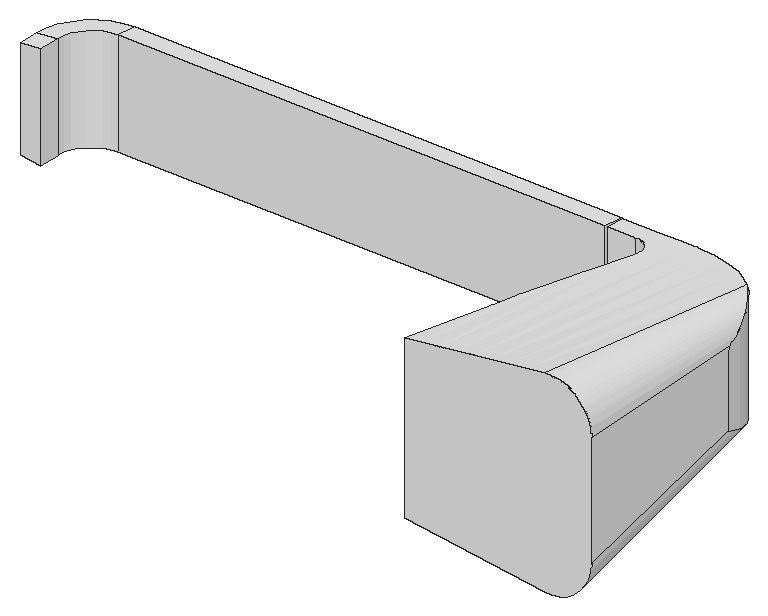
Revit family "CA6035551_Portarrollo", category Furniture, host Wall, Revit 2019
Family settings
  Host = Wall
  OmniClass Number = 23.31.25.19
  OmniClass Title = Restroom Paper Towel Accessories
  Always vertical = Yes
  Cut with Voids When Loaded = No
  Shared = No
  Room Calculation Point = No
Parameters (values of type "Type 1")
  URL = "https://corona.co/productos/accesorios/kit-por-6-accesorios-cascade/p/CA6065551"
  Temperatura de uso = "4˚C a 40˚C."  # constant formula
  Referencia = "CA6035551"  # constant formula
  Profundidad = 71 mm  # constant formula
  Peso neto = "470 g. - 1,04 lb."  # constant formula
  Peso Neto aprox = " 9 Kg"  # constant formula
  Material = Corona_Cromado
  Manufacturer = "Corona"  # constant formula
  Garantía Acabados = "5 Años"  # constant formula
  Garantía = "30 Años"  # constant formula
  Fecha de creación = "10/08/2020"  # constant formula
  Dimensiónes generales producto empacado Kit x6 = "(H x L x W): 441 x 160 x 79 mm."  # constant formula
  Description = "La línea de griferías y accesorios plásticos Cascade se inspira en la fluidez natural\r\ndel agua y en las formas creadas a su paso en caídas y cascadas, los gestos de\r\ndiseño y formas de Cascade invitan al usuario al uso, sus líneas fluidas crean un\r\nsolo viaje alrededor del producto generando formas limpias."  # constant formula
  Creado por = "IDD"  # constant formula
  Ancho = 179 mm  # constant formula
  Altura = 900 mm
  Alto = 47 mm  # constant formula
Reference planes
  plane 1 "Wall": y = 0
  plane 2 "Center (Left/Right)": x = 125
  plane 3 "Back": y = 75
  plane 4: z = 900
  plane 5: x = 214.5
  plane 6: x = 35.5
  plane 7: z = 923.5
  plane 8: z = 876.5
  plane 9: y = 146
Text (mm)
  text "Placement Side" at (-1848.837, 1116.779, 0), in view "Ref. Level"
  text "Placement side" at (0, 1409.804, 2854.306), in view "Left"
  text "Placement side" at (0, 499.811, 2980.732), in view "Right"
Dimensions and locks
  locked: plane 3 "Back" to host wall
  equal spacing: plane 8, plane 4, plane 7
  "Alto": plane 8 to plane 7
  equal spacing: plane 6, plane 2 "Center (Left/Right)", plane 5
  "Ancho": plane 6 to plane 5
  "Profundidad": plane 9 to host wall
  plane 4 to plane 8 = 23.5 mm
  "Altura": plane 4 to level
  aligned and locked: plane 1 "Wall" to host wall
  aligned and locked: nested 1 to plane 7
  aligned and locked: host wall to nested 2
  aligned and locked: plane 7 to nested 2
  aligned and locked: nested 2 to plane 6
  aligned and locked: nested 3 to plane 5
  aligned and locked: plane 7 to nested 3
  aligned and locked: nested 4 to plane 5
  aligned and locked: nested 4 to host wall
Nested families
  nested 1: "Lateral" at (125, 75, 876.5) x (0, -1, 0) z (1, 0, 0), type "Lateral"
  nested 2: "Portarollo" at (214.5, 110.5, 876.5) x (-1, 0, 0) z (0, 0, 1), type "Portarollo"
  nested 3: "Frontal" at (214.5, 0, 923.5) x (-1, 0, 0) z (0, -1, 0), type "Frontal"
  nested 4: "Planta" at (214.5, 75, 0) x (-1, 0, 0) z (0, 0, 1), type "Planta"
Definition of nested family "Portarollo"
  Parameters (values of type "Tipico")
    Profundidad = 71 mm
    Material = none
    Ancho = 179 mm
    Alto = 47 mm
  Reference planes
    plane 1 "Center (Front/Back)": y = 0
    plane 2: z = 0
    plane 3 "Center (Left/Right)": x = 0
    plane 4: x = 179
    plane 5: y = 35.5
    plane 6: y = -35.5
    plane 7: z = 47
    plane 8: x = 49.293
  Forms (mm)
    Blend 1, solid, material <- "Material", detail levels medium+fine
      base sketch origin (-84.781, 35.5, 1200) x (-1, 0, 0) y (0, 0, 1)
        loop
          line (-129.409, -1157.177) -> (-129.409, -1195.823) -> (-96, -1199.925)
          arc (-96, -1199.925) -> (-88.155, -1197.49) -> (-84.781, -1190) r 10
          line (-84.781, -1190) -> (-84.781, -1163)
          arc (-84.781, -1163) -> (-88.155, -1155.51) -> (-96, -1153.075) r 10
          line (-96, -1153.075) -> (-129.409, -1157.177)
      top sketch origin (-84.781, 35.5, 1200) x (-1, 0, 0) y (0, 0, 1)
        loop
          line (-134.074, -1164.5) -> (-134.074, -1188.5) -> (-99.095, -1188.5)
          arc (-99.095, -1188.5) -> (-95.56, -1187.036) -> (-94.095, -1183.5) r 5
          line (-94.095, -1183.5) -> (-94.095, -1169.5)
          arc (-94.095, -1169.5) -> (-95.56, -1165.964) -> (-99.095, -1164.5) r 5
          line (-99.095, -1164.5) -> (-134.074, -1164.5)
      from 0 to -71
    Extrusion 2, void
      sketch origin (0, 0, 0) x (1, 0, 0) y (0, 1, 0)
        loop
          line (9.314, -35.5) -> (31.249, -35.5)
          arc (31.249, -35.5) -> (14.761, -29.292) -> (6.461, -13.752) r 25
          line (6.461, -13.752) -> (9.314, -35.5)
      from 0 to 56.335
    Extrusion 3, void
      sketch origin (0, 0, 0) x (1, 0, 0) y (0, 1, 0)
        loop
          line (49.675, -30.5) -> (44.629, 35.5) -> (37.365, -24.903)
          arc (37.365, -24.903) -> (38.589, -28.818) -> (42.329, -30.5) r 5
          line (42.329, -30.5) -> (49.675, -30.5)
      from 0 to 56.335
    Sweep 4, solid, material <- "Material", detail levels medium+fine
      path origin (0, 0, 0) x (1, 0, 0) y (0, 1, 0)
        loop
          line (49.5, -35.5) -> (166, -35.5)
          arc (166, -35.5) -> (175.192, -31.692) -> (179, -22.5) r 13
      profile origin (107.75, -35.5, 0) x (0, 1, 0) y (0, 0, 1)
        loop
          line (5, 36.016) -> (0, 35.5) -> (0, 11.5) -> (5, 10.984) -> (5, 36.016)
    Extrusion 5, solid, material <- "Material", detail levels medium+fine
      sketch origin (179, -15.5, 0) x (0, 0, 1) y (1, 0, 0)
        loop
          line (11.5, 0) -> (10.984, -5) -> (36.016, -5) -> (35.5, 0) -> (11.5, 0)
      from -2 to -6.9
    Extrusion 6, solid, material <- "Material", detail levels coarse
      sketch origin (0, 0, 0) x (1, 0, 0) y (0, 0, 1)
        loop
          line (179, 0) -> (179, 47) -> (0, 47) -> (0, 0) -> (179, 0)
      from -35.5 to 35.5
  Cuts and joins
    Extrusion 2, Extrusion 3 cuts Blend 1
  Dimensions and locks
    equal spacing: plane 5, plane 1 "Center (Front/Back)", plane 6
    "Profundidad": plane 5 to plane 6
    "Ancho": plane 3 "Center (Left/Right)" to plane 4
    "Alto": plane 7 to level
    aligned and locked: level to plane 2
    aligned and locked: plane 5 to Blend 1
    aligned and locked: Blend 1 to plane 6
    aligned and locked: level to Extrusion 6 sketch curve
    aligned and locked: plane 4 to Extrusion 6 sketch curve
    aligned and locked: Extrusion 6 sketch curve to plane 7
    aligned and locked: plane 3 "Center (Left/Right)" to Extrusion 6 sketch curve
    aligned and locked: plane 5 to Extrusion 6
    aligned and locked: Extrusion 6 to plane 6
  Automatic sketch dimensions
    Blend 1 sketch curve to plane 3 "Center (Left/Right)" = 0 mm
    Blend 1 sketch curve to Blend 1 sketch curve = 10 mm  (x2)
    level to Blend 1 sketch curve = 0.075 mm
    Blend 1 sketch curve to Blend 1 sketch curve = 1.219 mm  (x2)
    Blend 1 sketch curve to plane 7 = 0.075 mm
    Blend 1 sketch curve to plane 8 = 0 mm
    plane 3 "Center (Left/Right)" to Blend 1 sketch curve = 14.314 mm  (x2)
    Blend 1 sketch curve to Blend 1 sketch curve = 5 mm
    level to Blend 1 sketch curve = 11.5 mm
    Blend 1 sketch curve to Blend 1 sketch curve = 14 mm
    plane 3 "Center (Left/Right)" to Extrusion 2 sketch curve = 6.461 mm
    plane 1 "Center (Front/Back)" to Extrusion 2 sketch curve = 10.5 mm
    Extrusion 2 sketch curve to Extrusion 2 sketch curve = 24.788 mm
    plane 3 "Center (Left/Right)" to Extrusion 2 sketch curve = 9.314 mm
    Extrusion 2 sketch curve to plane 6 = 0 mm
    Blend 1 sketch curve to plane 7 = 4.177 mm
    Blend 1 sketch curve to plane 8 = 4.665 mm
    level to Blend 1 sketch curve = 4.177 mm
    Extrusion 3 sketch curve to plane 5 = 0 mm
    Extrusion 3 sketch curve to plane 8 = 11.928 mm
    Extrusion 3 sketch curve to plane 8 = 6.964 mm
    Extrusion 3 sketch curve to plane 8 = 4.665 mm
    plane 8 to Extrusion 3 sketch curve = 0.382 mm
    plane 6 to Extrusion 3 sketch curve = 10.597 mm
    Extrusion 3 sketch curve to Extrusion 3 sketch curve = 0.597 mm
    Sweep 4 sketch curve to plane 6 = 0 mm
    plane 8 to Sweep 4 sketch curve = 0.207 mm
    Sweep 4 sketch curve to profile plane = 0 mm
    level to Sweep 4 sketch curve = 11.5 mm
    Sweep 4 sketch curve to Sweep 4 sketch curve = 24 mm
    Sweep 4 sketch curve to profile plane = 5 mm
    Sweep 4 sketch curve to Sweep 4 sketch curve = 0.516 mm  (x2)
    Sweep 4 sketch curve to plane 4 = 0 mm
    Sweep 4 sketch curve to Sweep 4 sketch curve = 13 mm
    plane 4 to Extrusion 5 sketch curve = 0 mm
    plane 4 to Extrusion 5 sketch curve = 5 mm
    level to Extrusion 5 sketch curve = 10.984 mm
    Extrusion 5 sketch curve to Extrusion 5 sketch curve = 0.516 mm  (x2)
    Extrusion 5 sketch curve to plane 7 = 11.5 mm
Definition of nested family "Lateral"
  Reference planes
    plane 1 "Center (Front/Back)": y = 0
    plane 2: z = 0
    plane 3 "Center (Left/Right)": x = 0
    plane 4: y = 47
    plane 5: x = -71
  Lines and regions (mm)
    detail lines, in view "Ref. Level"
      curve 1: line (0, 47, 0) -> (-71, 34.481, 0)
      curve 2: line (0, 47, 0) -> (0, 0, 0)
      curve 3: line (0, 0, 0) -> (-71, 12.519, 0)
      curve 4: line (-71, 12.519, 0) -> (-71, 34.481, 0)
      curve 5: line (-71, 34.481, 0) -> (-55.063, 34.481, 0)
      curve 6: line (-71, 12.519, 0) -> (-55.063, 12.519, 0)
      curve 7: line (-47.063, 20.519, 0) -> (-47.063, 26.481, 0)
      curve 8: line (-58, 34.481, 0) -> (-58, 12.519, 0)
      curve 9: arc (-55.063, 12.519, 0) -> (-49.406, 14.862, 0) -> (-47.063, 20.519, 0) r 8
      curve 10: arc (-55.063, 34.481, 0) -> (-49.406, 32.138, 0) -> (-47.063, 26.481, 0) r 8
Definition of nested family "Frontal"
  Reference planes
    plane 1 "Center (Front/Back)": y = 0
    plane 2: z = 0
    plane 3 "Center (Left/Right)": x = 0
    plane 4: x = 179
    plane 5: y = 47
  Lines and regions (mm)
    detail lines, in view "Ref. Level"
      curve 1: line (32.985, 2.624, 0) -> (10.92, 0.586, 0)
      curve 2: line (0, 36.457, 0) -> (0, 10.543, 0)
      curve 3: arc (10.92, 0.586, 0) -> (3.262, 3.154, 0) -> (0, 10.543, 0) r 10
      curve 4: arc (43.647, 12.212, 0) -> (39.906, 5.65, 0) -> (32.985, 2.624, 0) r 12
      curve 5: line (32.985, 44.376, 0) -> (10.92, 46.414, 0)
      curve 6: arc (10.92, 46.414, 0) -> (3.262, 43.846, 0) -> (0, 36.457, 0) r 10
      curve 7: arc (43.647, 34.788, 0) -> (39.906, 41.35, 0) -> (32.985, 44.376, 0) r 12
      curve 8: line (33.538, 34.788, 0) -> (175, 34.788, 0)
      curve 9: line (33.538, 12.212, 0) -> (175, 12.212, 0)
      curve 10: line (179, 16.212, 0) -> (179, 30.788, 0)
      curve 11: arc (175, 34.788, 0) -> (177.828, 33.616, 0) -> (179, 30.788, 0) r 4
      curve 12: arc (175, 12.212, 0) -> (177.828, 13.384, 0) -> (179, 16.212, 0) r 4
      curve 13: line (48.087, 34.788, 0) -> (48.087, 12.212, 0)
Definition of nested family "Planta"
  Reference planes
    plane 1 "Center (Front/Back)": y = 0
    plane 2: z = 0
    plane 3 "Center (Left/Right)": x = 0
    plane 4: x = 179
    plane 5: y = 71
  Lines and regions (mm)
    detail lines, in view "Ref. Level"
      curve 1: line (29.301, 71, 0) -> (175, 71, 0)
      curve 2: line (45.303, 65, 0) -> (173, 65, 0)
      curve 3: line (179, 68.171, 0) -> (179, 67, 0)
      curve 4: arc (175, 71, 0) -> (177.828, 69.828, 0) -> (179, 67, 0) r 4
      curve 5: line (48.087, 71, 0) -> (48.087, 65, 0)
      curve 6: line (179, 67, 0) -> (179, 51, 0)
      curve 7: line (179, 51, 0) -> (173, 51, 0)
      curve 8: line (173, 51, 0) -> (173, 65, 0)
      curve 9: line (0, 0, 0) -> (9.605, 54.473, 0)
      curve 10: line (0, 0, 0) -> (51.709, 0, 0)
      curve 11: line (51.709, 0, 0) -> (39.434, 57.753, 0)
      curve 12: arc (9.605, 54.473, 0) -> (16.445, 66.321, 0) -> (29.301, 71, 0) r 20
      curve 13: arc (39.434, 57.753, 0) -> (40.64, 62.776, 0) -> (45.303, 65, 0) r 6
